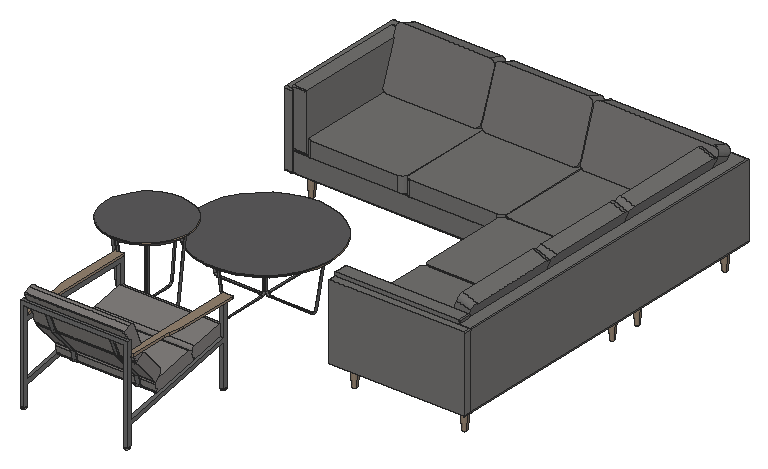
Revit family "Gus-Adelaide_Layout_01-Teknion-R2015", category Furniture Systems, Revit 2016 (continued)
Definition of nested family "Seating-Sofa-Teknion-ECSCADEL_Adelaide-R2015"
  Definition of nested family "Seating-Bi_Sectional-Teknion-Adelaide-2D"
    Lines and regions (in)
      detail lines, in view "Ref. Level"
        curve 109: arc (43.7967818, -13.5650885, 0) -> (43.8153605, -12.6801893, 0) -> (43.8215538, -11.7951169, 0) r 63.2450011
        curve 110: arc (35.3295956, -13.5650885, 0) -> (35.3110169, -12.6801893, 0) -> (35.3048236, -11.7951169, 0) r 63.2450011
        curve 112: line (35.3901854, 10.1509585, 0) -> (35.3295956, 9.5037668, 0)
        curve 114: line (42.455077, 10.8845063, 0) -> (43.7307858, 10.1839373, 0)
        curve 115: line (35.3955936, 10.1839547, 0) -> (36.6712035, 10.8844531, 0)
        curve 116: line (43.7307858, 10.1839373, 0) -> (43.7967818, 9.5037668, 0)
        curve 117: arc (43.7967818, 9.5037668, 0) -> (43.8153605, 8.6188677, 0) -> (43.8215538, 7.7337952, 0) r 63.2450011
        curve 118: arc (35.3295956, 9.5037668, 0) -> (35.3110169, 8.6188677, 0) -> (35.3048236, 7.7337952, 0) r 63.2450011
        curve 119: line (35.3048236, 7.7337952, 0) -> (35.3048236, -11.7951169, 0)
        curve 120: line (43.8215538, 7.7337952, 0) -> (43.8215538, -11.7951169, 0)
      detail lines, in view "Ref. Level", detail levels fine
        curve 6: line (-39.9019427, 40.1522056, 0) -> (-15.6691073, 40.1522056, 0)
        curve 68: line (-14.2079038, 40.1522056, 0) -> (10.1606703, 40.1522056, 0)
        curve 78: line (11.6218738, 40.1522056, 0) -> (43.3870738, 40.1522056, 0)
        curve 84: line (40.1619174, -39.571158, 0) -> (40.1619174, -15.6788191, 0)
        curve 121: line (40.1619174, 10.1509585, 0) -> (40.1619174, -14.2122801, 0)
        curve 123: line (43.81331, 10.8845188, 0) -> (46.0333338, 10.884228, 0)
      model lines, in view "Ref. Level", detail levels medium+fine
        curve 7: line (-39.9229751, 40.1522056, 0) -> (-39.9229751, 35.3804736, 0)
        curve 9: line (-39.9229751, 40.1522056, 0) -> (-39.9559539, 43.721074, 0)
      model lines, in view "Ref. Level"
        curve 8: line (-39.9229751, 35.3804736, 0) -> (-39.2757835, 35.3198838, 0)
        curve 10: line (-40.6535769, 42.4507299, 0) -> (-39.9559539, 43.721074, 0)
        curve 11: line (-39.9559714, 35.3858819, 0) -> (-40.6535769, 36.6562239, 0)
        curve 12: line (-39.9559539, 43.721074, 0) -> (-39.2757835, 43.78707, 0)
        curve 14: line (35.0150719, 34.6866303, 0) -> (34.9226407, 34.2941253, 0)
        curve 15: line (35.2417907, 11.262358, 0) -> (35.3723606, 10.884228, 0)
        curve 17: line (43.8130352, 39.3513935, 0) -> (43.9387576, 38.9592895, 0)
        curve 18: line (43.9387576, 11.2776918, 0) -> (43.81331, 10.8845188, 0)
        curve 19: line (34.8945688, 19.8063822, 0) -> (34.932985, 33.5430539, 0)
        curve 20: line (35.2317258, 11.9931411, 0) -> (34.8945688, 19.8063822, 0)
        curve 21: line (40.0902454, 39.3513319, 0) -> (43.8130352, 39.3513935, 0)
        curve 23: line (43.3867238, 43.811842, 0) -> (43.7864144, 43.6911492, 0)
        curve 24: line (43.9727083, 42.2348754, 0) -> (43.9595145, 41.2892906, 0)
        curve 25: line (43.9595145, 41.2892906, 0) -> (43.7811627, 39.998318, 0)
        curve 26: line (43.7864144, 43.6911492, 0) -> (43.9727083, 42.2348754, 0)
        curve 27: arc (43.755213, 39.9612556, 0) -> (43.774784, 39.983228, 0) -> (43.7836437, 40.0112872, 0) r 0.0702775
        curve 28: line (10.7971134, -40.3017597, 0) -> (43.0497901, -40.3017597, 0)
        curve 29: line (40.0570236, 39.3343004, 0) -> (39.7648079, 39.064936, 0)
        curve 30: line (39.7648079, 39.064936, 0) -> (35.0371452, 34.7069774, 0)
        curve 31: line (35.0371452, 34.7069774, 0) -> (35.0150719, 34.6866303, 0)
        curve 32: line (34.9226407, 34.2941253, 0) -> (34.932985, 33.5430539, 0)
        curve 33: line (35.2317258, 11.9931411, 0) -> (35.2417907, 11.262358, 0)
        curve 35: line (43.9387576, 11.2776918, 0) -> (43.9387576, 38.9592895, 0)
        curve 36: line (43.755213, 39.9612556, 0) -> (43.097483, 39.4053449, 0)
      model lines, in view "Ref. Level", detail levels fine
        curve 13: line (40.2261972, 38.9594579, 0) -> (40.0570236, 39.3343004, 0)
        curve 16: line (40.0957803, 10.884228, 0) -> (40.2261972, 11.2775815, 0)
        curve 22: line (43.3870738, 40.1522056, 0) -> (43.7836437, 40.0112872, 0)
        curve 34: line (40.2261972, 11.2775815, 0) -> (40.2261972, 38.9594579, 0)
      detail lines, in view "Ref. Level", detail levels medium+fine
        curve 42: line (-15.6691073, 40.1522056, 0) -> (-15.6691073, 35.3804736, 0)
        curve 44: line (-15.6691073, 40.1522056, 0) -> (-15.6361285, 43.721074, 0)
        curve 50: line (-14.2079038, 40.1522056, 0) -> (-14.2079038, 35.3804736, 0)
        curve 52: line (-14.2079038, 40.1522056, 0) -> (-14.2408826, 43.721074, 0)
        curve 58: line (10.1606703, 40.1522056, 0) -> (10.1606703, 35.3804736, 0)
        curve 60: line (10.1606703, 40.1522056, 0) -> (10.1936491, 43.721074, 0)
        curve 69: line (11.6218738, 40.1522056, 0) -> (11.6218738, 35.3804736, 0)
        curve 71: line (11.6218738, 40.1522056, 0) -> (11.588895, 43.721074, 0)
        curve 85: line (40.1619174, -39.571158, 0) -> (35.3901854, -39.571158, 0)
        curve 87: line (40.1619174, -39.571158, 0) -> (43.7307858, -39.6041368, 0)
        curve 95: line (40.1619174, -15.6788191, 0) -> (35.3901854, -15.6788191, 0)
        curve 97: line (40.1619174, -15.6788191, 0) -> (43.7307858, -15.6458403, 0)
        curve 103: line (40.1619174, -14.2122801, 0) -> (35.3901854, -14.2122801, 0)
        curve 105: line (40.1619174, -14.2122801, 0) -> (43.7307858, -14.2452589, 0)
        curve 111: line (40.1619174, 10.1509585, 0) -> (35.3901854, 10.1509585, 0)
        curve 113: line (40.1619174, 10.1509585, 0) -> (43.7307858, 10.1839373, 0)
        curve 122: line (10.891272, 46.023622, 0) -> (10.891272, 42.4507299, 0)
Definition of nested family "Seating-Chair-Teknion-ECCHHALI_Halifax-R2015"
  Parameters (values of type "White Powder Coat, Franz Indigo")
    Width = 31.000"
    Warranty = "https://d2r72yk5wmppdj.cloudfront.net/m/03d6e2ec3734b7d8/original/Gus-Limited-Warranty.pdf"
    Upholstery Finish = none
    URL = "http://www.teknion.com/ca/products/landing-pages/gus-modern"
    Series = "Gus Modern"
    Product Page URL = "http://www.teknion.com/ca/products/landing-pages/gus-modern"
    Product Line = "Halifax"
    Part Number = "ECCHHALI"
    Model = "ECCHHALI-wp-fraind"
    Manufacturer Phone = "416.534.0773 x37"
    Manufacturer Fax = "416.534.2452"
    Manufacturer Contact Information = "Teknion@gusdesigngroup.com"
    Manufacturer Address = "223 Evans Avenue. Toronto, Ontario. Canada. M8Z 1J5"
    Manufacturer = "Gus* Modern"  # constant formula
    Height = 27.000"
    Frame Finish = none
    Description = "Halifax Chair White Powder Coat Franz Indigo"
    Depth = 33.000"
    Assembly Code = "E2020200"
  Types (5): name | Model | Description
    Black Powder Coat, Laurentian Onyx | "ECCHHALI-bp-lauony" | "Halifax Chair Black Powder Coat Laurentian Onyx"
    Black Powder Coat, Tartan Shadow | "ECCHHALI-bp-tarsha" | "Halifax Chair Black Powder Coat Tartan Shadow"
    Black Powder Coat, Varsity Charcoal | "ECCHHALI-bp-varcha" | "Halifax Chair Black Powder Coat Varsity Charcoal"
    White Powder Coat, Berkeley Mint | "ECCHHALI-wp-bermin" | "Halifax Chair White Powder Coat Berkeley Mint"
    White Powder Coat, Franz Indigo | "ECCHHALI-wp-fraind" | "Halifax Chair White Powder Coat Franz Indigo"
  Reference planes (in)
    plane 1 "Center F/B": y = 0
    plane 2 "Bottom": z = 0
    plane 3 "Center L/R": x = 0
    plane 4 "Left": x = -15.3545
    plane 5 "Right": x = 15.3545
    plane 6 "Front": y = -16.3740996
    plane 7: y = 16.3740996
    plane 8 "Top": z = 27.977
    plane 9 "Masking Region": z = 16.2911548
    plane 10 "Back": through (480, 14.9673316, 28.9369415) normal (0, 0.9252, -0.3794)
  Forms (in)
    Sweep 1, solid, material <- "Upholstery Finish"
      path origin (0, 0, 0) x (1, 0, 0) y (0, 1, 0)
        loop
          line (-12.992126, 0) -> (12.992126, 0)
      profile origin (0, 0, 0) x (0, 1, 0) y (0, 0, 1)
        loop
          arc (-16.3696846, 12.933003) -> (-16.3398869, 12.7828579) -> (-16.2126481, 12.6977595) r 0.2
          line (-16.2126481, 12.6977595) -> (-6.5657987, 10.7745137)
          arc (-6.5657987, 10.7745137) -> (-6.4160102, 10.8042407) -> (-6.3311138, 10.9311773) r 0.199525
          line (-6.3311138, 10.9311773) -> (-5.9883266, 12.6505712)
          arc (-5.9883266, 12.6505712) -> (-6.1373153, 13.4012967) -> (-6.7735093, 13.8267889) r 1
          line (-6.7735093, 13.8267889) -> (-14.8507725, 15.4371139)
          arc (-14.8507725, 15.4371139) -> (-15.601498, 15.2881252) -> (-16.0269902, 14.6519311) r 1
          line (-16.0269902, 14.6519311) -> (-16.3696846, 12.933003)
        loop
          arc (5.403395, 8.3882733) -> (5.5531699, 8.4179976) -> (5.6380585, 8.5449227) r 0.1995069
          line (5.6380585, 8.5449227) -> (5.975812, 10.2390677)
          arc (5.975812, 10.2390677) -> (5.8229848, 11.0091348) -> (5.1703999, 11.4455893) r 1.0257639
          line (5.1703999, 11.4455893) -> (-4.7832569, 13.4300019)
          arc (-4.7832569, 13.4300019) -> (-5.5339824, 13.2810132) -> (-5.9594746, 12.6448191) r 1
          line (-5.9594746, 12.6448191) -> (-6.3022619, 10.9254252)
          arc (-6.3022619, 10.9254252) -> (-6.2725349, 10.7756367) -> (-6.1455982, 10.6907404) r 0.199525
          line (-6.1455982, 10.6907404) -> (5.403395, 8.3882733)
        loop
          arc (12.1195254, 17.8548372) -> (12.1689181, 17.9997228) -> (12.1013945, 18.1370982) r 0.2
          line (12.1013945, 18.1370982) -> (10.8075525, 19.2747539)
          arc (10.8075525, 19.2747539) -> (10.061476, 19.5290977) -> (9.3540721, 19.1813902) r 1.029884
          line (9.3540721, 19.1813902) -> (4.9690529, 14.194361)
          arc (4.9690529, 14.194361) -> (4.529893, 12.906156) -> (5.1302585, 11.6847246) r 1.7782382
          line (5.1302585, 11.6847246) -> (5.8621016, 11.041226)
          arc (5.8621016, 11.041226) -> (6.0069871, 10.9918333) -> (6.1443626, 11.0593569) r 0.2
          line (6.1443626, 11.0593569) -> (12.1195254, 17.8548372)
        loop
          arc (12.2515471, 18.5221617) -> (12.4046022, 18.5197968) -> (12.5145007, 18.6263509) r 0.2
          line (12.5145007, 18.6263509) -> (16.1060779, 26.931873)
          arc (16.1060779, 26.931873) -> (16.1084428, 27.0849281) -> (16.0018887, 27.1948266) r 0.2
          line (16.0018887, 27.1948266) -> (14.3809123, 27.8957894)
          arc (14.3809123, 27.8957894) -> (13.6258062, 27.9074567) -> (13.0836156, 27.3817662) r 0.9867114
          line (13.0836156, 27.3817662) -> (10.4430612, 21.2754842)
          arc (10.4430612, 21.2754842) -> (10.4216666, 19.8908343) -> (11.3856337, 18.8966108) r 1.8093482
          line (11.3856337, 18.8966108) -> (12.2515471, 18.5221617)
    Sweep 2, solid, material <- "Frame Finish"
      path origin (0, 0, 0) x (1, 0, 0) y (0, 1, 0)
        loop
          line (0, 16.3740996) -> (0, 15.3898476)
      profile origin (0, 15.8819736, 0) x (1, 0, 0) y (0, 0, 1)
        loop
          line (13.976378, 25.2755906) -> (-13.976378, 25.2755906) -> (-13.976378, 0.4724409) -> (-12.992126, 0.4724409) -> (-12.992126, 24.2913386) -> (12.992126, 24.2913386) -> (12.992126, 0.4724409) -> (13.976378, 0.4724409) -> (13.976378, 25.2755906)
    Sweep 3, solid, material <- "Frame Finish"
      path origin (0, 0, 0) x (1, 0, 0) y (0, 1, 0)
        loop
          line (12.992126, 0) -> (13.976378, 0)
      profile origin (13.484252, 0, 0) x (0, 1, 0) y (0, 0, 1)
        loop
          line (-15.1219634, 0.4724409) -> (-15.1219634, 11.4766933) -> (15.3898476, 5.3937008) -> (15.3898476, 6.3973224) -> (-15.1219634, 12.480315) -> (-15.1219634, 21.5354331) -> (-16.1062154, 21.5354331) -> (-16.1062154, 0.4724409) -> (-15.1219634, 0.4724409)
    Sweep 4, solid, material <- "Frame Finish"
      path origin (0, 0, 0) x (-1, 0, 0) y (0, 1, 0)
        loop
          line (12.992126, 0) -> (13.976378, 0)
      profile origin (-13.484252, 0, 0) x (0, -1, 0) y (0, 0, 1)
        loop
          line (15.1219634, 0.4724409) -> (16.1062154, 0.4724409) -> (16.1062154, 21.5354331) -> (15.1219634, 21.5354331) -> (15.1219634, 12.480315) -> (-15.3898476, 6.3973224) -> (-15.3898476, 5.3937008) -> (15.1219634, 11.4766933) -> (15.1219634, 0.4724409)
    Sweep 5, solid, material <- "Frame Finish"
      path origin (0, 0, 0) x (0, 1, 0) y (0, 0, 1)
        loop
          line (15.3898476, 0) -> (-15.1219634, 0)
      profile origin (0, 0.1339421, 0) x (0, 0, -1) y (1, 0, 0)
        loop
          line (-21.5354331, -14.1732283) -> (-21.4173228, -14.1732283) -> (-21.4173228, -13.1102362) -> (-20.3543307, -13.1102362) -> (-20.3543307, -12.992126) -> (-21.5354331, -12.992126) -> (-21.5354331, -14.1732283)
        loop
          line (-21.5354331, 14.1732283) -> (-21.5354331, 12.992126) -> (-20.3543307, 12.992126) -> (-20.3543307, 13.1102362) -> (-21.4173228, 13.1102362) -> (-21.4173228, 14.1732283) -> (-21.5354331, 14.1732283)
    Sweep 6, solid
      path origin (0, 0, 0) x (1, 0, 0) y (0, 0, 1)
        loop
          line (0, 22.0866142) -> (0, 21.5354331)
      profile origin (0, 0, 21.8110236) x (0, -1, 0) y (1, 0, 0)
        loop
          line (-15.3898476, -13.192126) -> (-15.3898476, -14.3669291)
          arc (-15.3898476, -14.3669291) -> (-15.331269, -14.5083505) -> (-15.1898476, -14.5669291) r 0.2
          line (-15.1898476, -14.5669291) -> (-5.2363171, -14.5669291)
          arc (-5.2363171, -14.5669291) -> (-4.5663524, -14.600018) -> (-3.9029087, -14.6989626) r 6.7990751
          line (-3.9029087, -14.6989626) -> (-1.2285904, -15.2338263)
          arc (-1.2285904, -15.2338263) -> (-0.6230777, -15.3241311) -> (-0.0116135, -15.3543307) r 6.2053886
          line (-0.0116135, -15.3543307) -> (16.1030658, -15.3543307)
          arc (16.1030658, -15.3543307) -> (16.2444871, -15.2957521) -> (16.3030658, -15.1543307) r 0.2
          line (16.3030658, -15.1543307) -> (16.3030658, -13.192126)
          arc (16.3030658, -13.192126) -> (16.2444871, -13.0507046) -> (16.1030658, -12.992126) r 0.2
          line (16.1030658, -12.992126) -> (-15.1898476, -12.992126)
          arc (-15.1898476, -12.992126) -> (-15.331269, -13.0507046) -> (-15.3898476, -13.192126) r 0.2
        loop
          arc (-15.3898476, 13.192126) -> (-15.331269, 13.0507046) -> (-15.1898476, 12.992126) r 0.2
          line (-15.1898476, 12.992126) -> (16.1030658, 12.992126)
          arc (16.1030658, 12.992126) -> (16.2444871, 13.0507046) -> (16.3030658, 13.192126) r 0.2
          line (16.3030658, 13.192126) -> (16.3030658, 15.1543307)
          arc (16.3030658, 15.1543307) -> (16.2444871, 15.2957521) -> (16.1030658, 15.3543307) r 0.2
          line (16.1030658, 15.3543307) -> (-0.0116135, 15.3543307)
          arc (-0.0116135, 15.3543307) -> (-0.6230777, 15.3241311) -> (-1.2285904, 15.2338263) r 6.2053886
          line (-1.2285904, 15.2338263) -> (-3.9029087, 14.6989626)
          arc (-3.9029087, 14.6989626) -> (-4.5663524, 14.600018) -> (-5.2363171, 14.5669291) r 6.7990751
          line (-5.2363171, 14.5669291) -> (-15.1898476, 14.5669291)
          arc (-15.1898476, 14.5669291) -> (-15.331269, 14.5083505) -> (-15.3898476, 14.3669291) r 0.2
          line (-15.3898476, 14.3669291) -> (-15.3898476, 13.192126)
    Sweep 7, solid, material <- "Frame Finish"
      path origin (0, 0, 0) x (1, 0, 0) y (0, 1, 0)
        loop
          line (12.992126, 0) -> (-12.992126, 0)
      profile origin (0, 0, 0) x (0, -1, 0) y (0, 0, 1)
        loop
          line (16.1062154, 12.480315) -> (15.1219634, 12.480315) -> (15.1219634, 11.496063) -> (16.1062154, 11.496063) -> (16.1062154, 12.480315)
        loop
          line (-4.4407441, 8.5801924) -> (-5.5990514, 8.3492662) -> (-5.5759588, 8.2334355) -> (-4.5334822, 8.441269) -> (-4.3256487, 7.3987924) -> (-4.209818, 7.421885) -> (-4.4407441, 8.5801924)
    Sweep 8, solid, material <- "Frame Finish"
      path origin (0, 0, 0) x (1, 0, 0) y (0, 1, 0)
        loop
          line (-8.8582677, 0) -> (-7.6771654, 0)
      profile origin (-8.2677165, 0, 0) x (0, 1, 0) y (0, 0, 1)
        loop
          line (5.5759588, 8.2334355) -> (5.6917896, 8.2103429) -> (6.2475115, 10.9978001) -> (12.3412501, 17.9281352) -> (15.3898476, 24.9780171) -> (15.3898476, 25.2755906) -> (12.2402413, 17.992126) -> (6.1378791, 11.0519834) -> (5.5759588, 8.2334355)
    Sweep 9, solid, material <- "Frame Finish"
      path origin (0, 0, 0) x (-1, 0, 0) y (0, 1, 0)
        loop
          line (-8.8582677, 0) -> (-7.6771654, 0)
      profile origin (8.2677165, 0, 0) x (0, -1, 0) y (0, 0, 1)
        loop
          line (-5.5759588, 8.2334355) -> (-6.1378791, 11.0519834) -> (-12.2402413, 17.992126) -> (-15.3898476, 25.2755906) -> (-15.3898476, 24.9780171) -> (-12.3412501, 17.9281352) -> (-6.2475115, 10.9978001) -> (-5.6917896, 8.2103429) -> (-5.5759588, 8.2334355)
  Cuts and joins
    joined: Sweep 2, Sweep 3, Sweep 4, Sweep 5, Sweep 7, Sweep 8, Sweep 9
  Dimensions and locks (in)
    equal spacing: plane 4 "Left", plane 3 "Center L/R", plane 5 "Right"
    equal spacing: plane 6 "Front", plane 1 "Center F/B", plane 7
    locked: plane 9 "Masking Region" to plane 2 "Bottom" at 16.2911548
    locked: plane 4 "Left" to plane 5 "Right" at 30.709
    locked: plane 10 "Back" to plane 7 at 6.5928042
    locked: plane 10 "Back" to plane 7 at 1.8004399
    locked: Sweep 1 sketch curve to plane 2 "Bottom" at 12.6977595
    locked: Sweep 1 sketch curve to plane 1 "Center F/B" at 14.8507725
    locked: plane 3 "Center L/R" to Sweep 1 sketch curve at 12.992126
    locked: Sweep 2 sketch curve to plane 7 at 0.984252
    Sweep 2 sketch curve to Sweep 2 sketch curve to plane 3 "Center L/R" = 0.98425" locked, 12.99213" locked
    locked: plane 2 "Bottom" to Sweep 2 sketch curve at 25.2755906
    plane 3 "Center L/R" to Sweep 3 sketch curve to Sweep 3 sketch curve = 12.99213" locked, 0.98425" locked
    locked: Sweep 3 sketch curve to plane 2 "Bottom" at 0.4724409
    locked: Sweep 3 sketch curve to plane 1 "Center F/B" at 15.1219634
    Sweep 4 sketch curve to Sweep 4 sketch curve to plane 4 "Left" = 0.98425" locked, 1.37812" locked
    locked: Sweep 4 sketch curve to plane 2 "Bottom" at 0.4724409
    locked: plane 1 "Center F/B" to Sweep 4 sketch curve at 15.1219634
    Sweep 5 sketch curve to plane 1 "Center F/B" to Sweep 5 sketch curve = 15.38985" locked, 15.12196" locked
    locked: plane 3 "Center L/R" to Sweep 5 sketch curve at 14.1732283
    locked: Sweep 5 sketch curve to plane 2 "Bottom" at 21.5354331
    Sweep 6 sketch curve to Sweep 6 sketch curve to plane 2 "Bottom" = 0.55118" locked, 21.53543" locked
    Sweep 6 sketch curve to plane 3 "Center L/R" to Sweep 6 sketch curve = 12.99213" locked, 12.99213" locked
    locked: Sweep 6 sketch curve to plane 1 "Center F/B" at 16.3030658
    locked: plane 4 "Left" to nested 3 at 1.870308
    locked: nested 3 to plane 7 at 0.488189
    locked: nested 4 to plane 5 "Right" at 1.870308
    locked: nested 4 to plane 7 at 0.488189
    locked: nested 2 to plane 6 "Front" at 0.7600102
    locked: nested 2 to plane 5 "Right" at 1.870308
    locked: plane 4 "Left" to nested 1 at 1.870308
    locked: nested 1 to plane 6 "Front" at 0.7600102
    Sweep 7 sketch curve to plane 3 "Center L/R" to Sweep 7 sketch curve = 12.99213" locked, 12.99213" locked
    locked: plane 2 "Bottom" to Sweep 7 sketch curve at 12.480315
    locked: Sweep 7 sketch curve to plane 1 "Center F/B" at 15.1219634
    Sweep 8 sketch curve to Sweep 8 sketch curve to plane 3 "Center L/R" = 1.1811" locked, 7.67717" locked
    locked: Sweep 8 sketch curve to plane 2 "Bottom" at 8.2103429
    locked: plane 1 "Center F/B" to Sweep 8 sketch curve at 5.5759588
    plane 5 "Right" to Sweep 9 sketch curve to Sweep 9 sketch curve = 6.49623" locked, 1.1811" locked
    locked: Sweep 9 sketch curve to plane 2 "Bottom" at 8.2103429
    locked: plane 1 "Center F/B" to Sweep 9 sketch curve at 5.5759588
    locked: plane 8 "Top" to plane 2 "Bottom" at 27.977
    locked: plane 6 "Front" to plane 7 at 32.7481992
    locked: plane 8 "Top" to plane 10 "Back" at 4.3902468
    aligned and locked: level to plane 2 "Bottom"
    aligned and locked: plane 1 "Center F/B" to Sweep 1 sketch curve
    aligned and locked: plane 7 to Sweep 2 sketch curve
    aligned and locked: Sweep 2 sketch curve to plane 3 "Center L/R"
    aligned and locked: plane 1 "Center F/B" to Sweep 3 sketch curve
    aligned and locked: Sweep 5 sketch curve to plane 2 "Bottom"
    aligned and locked: Sweep 6 sketch curve to plane 3 "Center L/R"
    aligned and locked: plane 2 "Bottom" to nested 1
    aligned and locked: plane 2 "Bottom" to nested 3
    aligned and locked: nested 2 to plane 2 "Bottom"
    aligned and locked: nested 4 to plane 2 "Bottom"
    aligned and locked: plane 1 "Center F/B" to nested 5
    aligned and locked: plane 3 "Center L/R" to nested 5
    aligned and locked: Sweep 7 sketch curve to plane 1 "Center F/B"
    aligned and locked: plane 1 "Center F/B" to Sweep 8 sketch curve
  Automatic sketch dimensions
    plane 4 "Left" to Sweep 1 sketch curve = 2.36237"
    Sweep 1 sketch curve to Sweep 1 sketch curve = 0.19552"  (x6)
    Sweep 1 sketch curve to Sweep 1 sketch curve = 0.9807"  (x3)
    Sweep 1 sketch curve to Sweep 1 sketch curve = 0.14655"
    Sweep 1 sketch curve to Sweep 1 sketch curve = 0.0391"
    level to Sweep 1 sketch curve = 12.933"
    Sweep 1 sketch curve to Sweep 1 sketch curve = 0.19614"
    profile plane to Sweep 1 sketch curve = 6.96903"
    Sweep 1 sketch curve to Sweep 1 sketch curve = 0.40323"
    Sweep 1 sketch curve to Sweep 1 sketch curve = 0.03901"  (x6)
    Sweep 1 sketch curve to Sweep 1 sketch curve = 0.19567"
    Sweep 1 sketch curve to Sweep 1 sketch curve = 0.02885"  (x2)
    Sweep 1 sketch curve to Sweep 1 sketch curve = 0.15666"
    Sweep 1 sketch curve to profile plane = 4.96905"
    Sweep 1 sketch curve to Sweep 1 sketch curve = 0.00079"
    Sweep 1 sketch curve to Sweep 1 sketch curve = 0.16041"
    Sweep 1 sketch curve to Sweep 1 sketch curve = 0.04014"
    Sweep 1 sketch curve to Sweep 1 sketch curve = 0.43355"
    Sweep 1 sketch curve to Sweep 1 sketch curve = 0.19566"
    Sweep 1 sketch curve to Sweep 1 sketch curve = 0.6917"
    Sweep 1 sketch curve to Sweep 1 sketch curve = 0.11371"
    Sweep 1 sketch curve to Sweep 1 sketch curve = 0.13207"  (x4)
    Sweep 1 sketch curve to Sweep 1 sketch curve = 0.1502"  (x2)
    Sweep 1 sketch curve to Sweep 1 sketch curve = 1.17422"
    Sweep 1 sketch curve to Sweep 1 sketch curve = 4.38502"
    Sweep 1 sketch curve to Sweep 1 sketch curve = 0.77342"
    Sweep 1 sketch curve to Sweep 1 sketch curve = 1.08899"
    Sweep 1 sketch curve to Sweep 1 sketch curve = 0.68006"  (x2)
    Sweep 1 sketch curve to Sweep 1 sketch curve = 0.57808"
    Sweep 1 sketch curve to Sweep 1 sketch curve = 0.5837"
    Sweep 1 sketch curve to Sweep 1 sketch curve = 0.71815"
    Sweep 1 sketch curve to Sweep 1 sketch curve = 0.15015"
    Sweep 1 sketch curve to Sweep 1 sketch curve = 0.07938"  (x3)
    Sweep 1 sketch curve to Sweep 1 sketch curve = 0.18357"  (x2)
    Sweep 1 sketch curve to Sweep 1 sketch curve = 2.64055"
    Sweep 1 sketch curve to Sweep 1 sketch curve = 0.90566"
    Sweep 1 sketch curve to Sweep 1 sketch curve = 0.39164"  (x2)
    Sweep 1 sketch curve to Sweep 1 sketch curve = 1.54159"
    Sweep 1 sketch curve to Sweep 1 sketch curve = 0.24333"
    Sweep 1 sketch curve to Sweep 1 sketch curve = 0.00575"  (x2)
    Sweep 1 sketch curve to Sweep 1 sketch curve = 1.74528"
    Sweep 1 sketch curve to Sweep 1 sketch curve = 0.23914"
    Sweep 1 sketch curve to Sweep 1 sketch curve = 0.25417"
    Sweep 1 sketch curve to Sweep 1 sketch curve = 1.68038"
    Sweep 1 sketch curve to Sweep 1 sketch curve = 1.00597"
    Sweep 1 sketch curve to Sweep 1 sketch curve = 1.65514"
    Sweep 1 sketch curve to Sweep 1 sketch curve = 1.33542"
    Sweep 1 sketch curve to Sweep 1 sketch curve = 1.56251"
    Sweep 1 sketch curve to Sweep 1 sketch curve = 4.83469"
    Sweep 1 sketch curve to Sweep 1 sketch curve = 0.51443"
    Sweep 1 sketch curve to Sweep 1 sketch curve = 0.38506"
    Sweep 1 sketch curve to Sweep 1 sketch curve = 0.10419"
    Sweep 1 sketch curve to Sweep 1 sketch curve = 0.37445"
    Sweep 1 sketch curve to Sweep 1 sketch curve = 1.66072"
    Sweep 1 sketch curve to Sweep 1 sketch curve = 6.37454"
    Sweep 1 sketch curve to Sweep 1 sketch curve = 0.05826"
    profile plane to Sweep 2 sketch curve = 12.99213"
    level to Sweep 2 sketch curve = 0.47244"  (x2)
    Sweep 2 sketch curve to Sweep 2 sketch curve = 0.98425"  (x2)
    Sweep 3 sketch curve to Sweep 3 sketch curve = 0.98425"  (x2)
    level to Sweep 3 sketch curve = 5.3937"
    Sweep 3 sketch curve to profile plane = 15.38985"
    Sweep 3 sketch curve to Sweep 3 sketch curve = 1.00362"  (x2)
    Sweep 3 sketch curve to Sweep 3 sketch curve = 11.00425"
    Sweep 3 sketch curve to Sweep 3 sketch curve = 9.05512"
    plane 1 "Center F/B" to Sweep 4 sketch curve = 0.000"
    level to Sweep 4 sketch curve = 6.39732"
    profile plane to Sweep 4 sketch curve = 15.38985"
    Sweep 4 sketch curve to Sweep 4 sketch curve = 0.000"
    Sweep 4 sketch curve to Sweep 4 sketch curve = 0.98425"
    Sweep 4 sketch curve to Sweep 4 sketch curve = 1.00362"  (x2)
    Sweep 4 sketch curve to Sweep 4 sketch curve = 11.00425"
    Sweep 4 sketch curve to Sweep 4 sketch curve = 9.05512"
    profile plane to Sweep 5 sketch curve = 21.53543"
    Sweep 5 sketch curve to Sweep 5 sketch curve = 0.11811"  (x4)
    Sweep 5 sketch curve to Sweep 5 sketch curve = 1.06299"  (x4)
    plane 3 "Center L/R" to Sweep 5 sketch curve = 12.99213"
    plane 1 "Center F/B" to Sweep 6 sketch curve = 16.10307"
    Sweep 6 sketch curve to Sweep 6 sketch curve = 0.000"  (x3)
    Sweep 6 sketch curve to Sweep 6 sketch curve = 0.200"  (x5)
    Sweep 6 sketch curve to plane 1 "Center F/B" = 0.01161"  (x2)
    Sweep 6 sketch curve to Sweep 6 sketch curve = 1.21698"  (x2)
    Sweep 6 sketch curve to Sweep 6 sketch curve = 2.67432"  (x2)
    Sweep 6 sketch curve to Sweep 6 sketch curve = 1.33341"  (x2)
    Sweep 6 sketch curve to Sweep 6 sketch curve = 9.95353"  (x2)
    Sweep 6 sketch curve to Sweep 6 sketch curve = 1.1748"  (x2)
    Sweep 6 sketch curve to Sweep 6 sketch curve = 0.13203"  (x2)
    Sweep 6 sketch curve to Sweep 6 sketch curve = 1.9622"  (x2)
    Sweep 6 sketch curve to Sweep 6 sketch curve = 0.1205"
    Sweep 6 sketch curve to profile plane = 9.14894"
    profile plane to Sweep 7 sketch curve = 4.20982"
    Sweep 7 sketch curve to Sweep 7 sketch curve = 0.11583"
    Sweep 7 sketch curve to Sweep 7 sketch curve = 0.23093"
    Sweep 7 sketch curve to Sweep 7 sketch curve = 0.09274"
    Sweep 7 sketch curve to Sweep 7 sketch curve = 1.04248"
    Sweep 7 sketch curve to Sweep 7 sketch curve = 0.98425"  (x2)
    level to Sweep 7 sketch curve = 8.58019"
    Sweep 7 sketch curve to Sweep 7 sketch curve = 0.13892"
    Sweep 8 sketch curve to Sweep 8 sketch curve = 0.11583"
    Sweep 8 sketch curve to Sweep 8 sketch curve = 0.56192"
    Sweep 8 sketch curve to Sweep 8 sketch curve = 0.10963"
    Sweep 8 sketch curve to Sweep 8 sketch curve = 5.99273"
    Sweep 8 sketch curve to Sweep 8 sketch curve = 0.10101"
    Sweep 8 sketch curve to Sweep 8 sketch curve = 3.14961"
    Sweep 8 sketch curve to Sweep 8 sketch curve = 0.02309"
    Sweep 8 sketch curve to Sweep 8 sketch curve = 6.93034"
    Sweep 8 sketch curve to Sweep 8 sketch curve = 0.06399"
    Sweep 8 sketch curve to Sweep 8 sketch curve = 6.98589"
    Sweep 8 sketch curve to Sweep 8 sketch curve = 0.29757"
    plane 1 "Center F/B" to Sweep 9 sketch curve = 0.000"
    profile plane to Sweep 9 sketch curve = 15.38985"
    Sweep 9 sketch curve to Sweep 9 sketch curve = 3.0486"
    Sweep 9 sketch curve to Sweep 9 sketch curve = 0.10101"
    Sweep 9 sketch curve to Sweep 9 sketch curve = 0.10963"
    Sweep 9 sketch curve to Sweep 9 sketch curve = 0.55572"
    Sweep 9 sketch curve to Sweep 9 sketch curve = 0.11583"
    Sweep 9 sketch curve to Sweep 9 sketch curve = 0.02309"
    Sweep 9 sketch curve to Sweep 9 sketch curve = 6.93034"
    Sweep 9 sketch curve to Sweep 9 sketch curve = 0.06399"
    Sweep 9 sketch curve to Sweep 9 sketch curve = 6.98589"
    Sweep 9 sketch curve to Sweep 9 sketch curve = 0.29757"
  Nested families (in)
    nested 1: "Seating-Teknion-Foot" at (-13.484192, -15.6140894, 0), type "Foot"
    nested 2: "Seating-Teknion-Foot" at (13.484192, -15.6140894, 0) x (-1, 0, 0) z (0, 0, 1), type "Foot"
    nested 3: "Seating-Teknion-Foot" at (-13.484192, 15.8859106, 0), type "Foot"
    nested 4: "Seating-Teknion-Foot" at (13.484192, 15.8859106, 0) x (-1, 0, 0) z (0, 0, 1), type "Foot"
    nested 5: "Seating-Chair-Teknion-Halifax-2D" at (-0.0097118, 0, 0), type "2D Symbol"
  Definition of nested family "Seating-Teknion-Foot"
    Parameters (values of type "Foot")
      Warranty = "https://d2r72yk5wmppdj.cloudfront.net/m/03d6e2ec3734b7d8/original/Gus-Limited-Warranty.pdf"
      URL = "http://www.teknion.com/ca/products/landing-pages/gus-modern"
      Series = "Gus Modern"
      Product Page URL = "http://www.teknion.com/ca/products/landing-pages/gus-modern"
      Model = ""
      Manufacturer Phone = "416.534.0773 x37"
      Manufacturer Fax = "416.534.2452"
      Manufacturer Contact Information = "Teknion@gusdesigngroup.com"
      Manufacturer Address = "223 Evans Avenue. Toronto, Ontario. Canada. M8Z 1J5"
      Manufacturer = "Gus* Modern"  # constant formula
      Height = 1.37795"
      Description = ""
      Assembly Code = "E2020200"
    Reference planes (in)
      plane 1 "Center F/B": y = 0
      plane 2 "Bottom": z = 0
      plane 3 "Center L/R": x = 0
      plane 4: z = 1.3779528
    Forms (in)
      Revolve 1, solid
        sketch origin (0, 0, 0) x (1, 0, 0) y (0, 0, 1)
          loop
            line (0, 1.3779528) -> (-0.1183468, 1.3779528) -> (-0.1183468, 0.4724409) -> (-0.3149606, 0.4724409) -> (-0.5906111, 0.157588) -> (-0.5906111, 0.0787777) -> (-0.3937008, 0) -> (0, 0) -> (0, 1.3779528)
          axis (0, 1.3779528) -> (0, 0)
        angle from 0 to 360
    Dimensions and locks (in)
      Revolve 1 sketch curve to Revolve 1 sketch curve to Revolve 1 sketch curve to plane 2 "Bottom" = 0.31485" locked, 0.07881" locked, 0.07878" locked
      "Height": plane 4 to plane 2 "Bottom"
      aligned and locked: level to plane 2 "Bottom"
      aligned and locked: Revolve 1 sketch curve to plane 3 "Center L/R"
    Automatic sketch dimensions
      Revolve 1 sketch curve to level = 0.000"
      Revolve 1 sketch curve to plane 3 "Center L/R" = 0.31496"
      Revolve 1 sketch curve to Revolve 1 sketch curve = 0.27565"
      Revolve 1 sketch curve to Revolve 1 sketch curve = 0.19691"
      Revolve 1 sketch curve to plane 3 "Center L/R" = 0.11835"
      Revolve 1 sketch curve to plane 3 "Center L/R" = 0.000"
      Revolve 1 sketch curve to plane 4 = 0.000"
      Revolve 1 sketch curve to level = 16.65636"
      Revolve 1 sketch curve to Revolve 1 sketch curve = 48.811"
  Definition of nested family "Seating-Chair-Teknion-Halifax-2D"
    Parameters (values of type "2D Symbol")
      Without Back = not(With Back)  # yes
      With Back = no
    Reference planes (in)
      plane 1 "Center (Front/Back)": y = 0
      plane 2: z = 0
      plane 3 "Center (Left/Right)": x = 0.0097118
    Lines and regions (in)
      Masking region 1, in view "Ref. Level"
        outline origin (0, 0, 0) x (1, 0, 0) y (0, 1, 0)
          loop
            line (-13.9666662, 16.3740996) -> (-13.9666662, 16.2084131)
            arc (-13.9666662, 16.2084131) -> (-14.0650914, 15.8819736) -> (-13.9666662, 15.5555342) r 0.5905512
            line (-13.9666662, 15.5555342) -> (-13.9666662, 15.3898476) -> (-14.360367, 15.3898476)
            arc (-14.360367, 15.3898476) -> (-14.4995612, 15.3321915) -> (-14.5572173, 15.1929972) r 0.1968504
            line (-14.5572173, 15.1929972) -> (-14.5572173, 5.1478369)
            arc (-14.5572173, 5.1478369) -> (-14.5859575, 4.5659218) -> (-14.6718984, 3.9896707) r 5.9055118
            line (-14.6718984, 3.9896707) -> (-15.2299379, 1.1994733)
            arc (-15.2299379, 1.1994733) -> (-15.3158787, 0.6232223) -> (-15.3446189, 0.0413072) r 5.9055118
            line (-15.3446189, 0.0413072) -> (-15.3446189, -16.1062154)
            arc (-15.3446189, -16.1062154) -> (-15.2869628, -16.2454096) -> (-15.1477685, -16.3030658) r 0.1968504
            line (-15.1477685, -16.3030658) -> (-13.1792646, -16.3030658)
            arc (-13.1792646, -16.3030658) -> (-13.0400703, -16.2454096) -> (-12.9824142, -16.1062154) r 0.1968504
            line (-12.9824142, -16.1062154) -> (-12.9824142, -16.1772492)
            arc (-12.9824142, -16.1772492) -> (-12.9247581, -16.3164434) -> (-12.7855638, -16.3740996) r 0.1968504
            line (-12.7855638, -16.3740996) -> (12.8049874, -16.3740996)
            arc (12.8049874, -16.3740996) -> (12.9441816, -16.3164434) -> (13.0018378, -16.1772492) r 0.1968504
            line (13.0018378, -16.1772492) -> (13.0018378, -16.1062154)
            arc (13.0018378, -16.1062154) -> (13.0594939, -16.2454096) -> (13.1986882, -16.3030658) r 0.1968504
            line (13.1986882, -16.3030658) -> (15.1671921, -16.3030658)
            arc (15.1671921, -16.3030658) -> (15.3063863, -16.2454096) -> (15.3640425, -16.1062154) r 0.1968504
            line (15.3640425, -16.1062154) -> (15.3640425, 0.0413072)
            arc (15.3640425, 0.0413072) -> (15.3353023, 0.6232223) -> (15.2493614, 1.1994733) r 5.9055118
            line (15.2493614, 1.1994733) -> (14.691322, 3.9896707)
            arc (14.691322, 3.9896707) -> (14.6053811, 4.5659218) -> (14.5766409, 5.1478369) r 5.9055118
            line (14.5766409, 5.1478369) -> (14.5766409, 15.1929972)
            arc (14.5766409, 15.1929972) -> (14.5189848, 15.3321915) -> (14.3797905, 15.3898476) r 0.1968504
            line (14.3797905, 15.3898476) -> (13.9860897, 15.3898476) -> (13.9860897, 15.5555342)
            arc (13.9860897, 15.5555342) -> (14.0845149, 15.8819736) -> (13.9860897, 16.2084131) r 0.5905512
            line (13.9860897, 16.2084131) -> (13.9860897, 16.3740996) -> (13.8204032, 16.3740996)
            arc (13.8204032, 16.3740996) -> (13.4939638, 16.4725248) -> (13.1675243, 16.3740996) r 0.5905512
            line (13.1675243, 16.3740996) -> (-13.1481007, 16.3740996)
            arc (-13.1481007, 16.3740996) -> (-13.4745402, 16.4725248) -> (-13.8009796, 16.3740996) r 0.5905512
            line (-13.8009796, 16.3740996) -> (-13.9666662, 16.3740996)
      detail lines, in view "Ref. Level"
        curve 1: line (-12.9824142, 15.1929972, 0) -> (-12.9824142, -16.1062154, 0)
        curve 4: arc (-12.9824142, 4.7203778, 0) -> (-12.9247581, 4.5811835, 0) -> (-12.7855638, 4.5235274, 0) r 0.1968504
        curve 7: arc (-13.1792646, 15.3898476, 0) -> (-13.0400703, 15.3321915, 0) -> (-12.9824142, 15.1929972, 0) r 0.1968504
        curve 8: line (-13.9666662, 15.3898476, 0) -> (-13.1792646, 15.3898476, 0)
        curve 9: line (-13.9666662, 15.5555342, 0) -> (-13.9666662, 16.2084131, 0)
        curve 10: line (-13.8009796, 16.3740996, 0) -> (-13.1481007, 16.3740996, 0)
        curve 11: line (13.0018378, 15.1929972, 0) -> (13.0018378, -16.1062154, 0)
        curve 13: arc (13.0018378, 4.7203778, 0) -> (12.9441816, 4.5811835, 0) -> (12.8049874, 4.5235274, 0) r 0.1968504
        curve 16: arc (13.1986882, 15.3898476, 0) -> (13.0594939, 15.3321915, 0) -> (13.0018378, 15.1929972, 0) r 0.1968504
        curve 17: line (13.9860897, 15.3898476, 0) -> (13.1986882, 15.3898476, 0)
        curve 18: line (13.9860897, 15.5555342, 0) -> (13.9860897, 16.2084131, 0)
        curve 19: line (13.8204032, 16.3740996, 0) -> (13.1675243, 16.3740996, 0)
        curve 20: line (-12.7855638, 4.5235274, 0) -> (12.8049874, 4.5235274, 0)
      detail lines, in view "Ref. Level", detail levels medium+fine
        curve 2: line (-12.7855638, -5.9662517, 0) -> (12.8049874, -5.9662517, 0)
        curve 3: arc (-12.9824142, -6.1631021, 0) -> (-12.9247581, -6.0239078, 0) -> (-12.7855638, -5.9662517, 0) r 0.1968504
        curve 5: arc (-12.9824142, 10.4794213, 0) -> (-12.9247581, 10.3402271, 0) -> (-12.7855638, 10.2825709, 0) r 0.1968504
        curve 12: arc (13.0018378, -6.1631021, 0) -> (12.9441816, -6.0239078, 0) -> (12.8049874, -5.9662517, 0) r 0.1968504
        curve 14: arc (13.0018378, 10.4794213, 0) -> (12.9441816, 10.3402271, 0) -> (12.8049874, 10.2825709, 0) r 0.1968504
        curve 21: line (-12.7855638, 10.2825709, 0) -> (12.8049874, 10.2825709, 0)
      detail lines, in view "Ref. Level", detail levels fine
        curve 6: arc (-12.9824142, 15.9266475, 0) -> (-12.9247581, 16.0658417, 0) -> (-12.7855638, 16.1234979, 0) r 0.1968504
        curve 15: arc (13.0018378, 15.9266475, 0) -> (12.9441816, 16.0658417, 0) -> (12.8049874, 16.1234979, 0) r 0.1968504
        curve 22: line (-12.7855638, 16.1234979, 0) -> (12.8049874, 16.1234979, 0)
        curve 23: line (-12.9824142, 15.9266475, 0) -> (-12.9824142, 15.1929972, 0)
        curve 24: line (13.0018378, 15.1929972, 0) -> (13.0018378, 15.9266475, 0)
Definition of nested family "Table-Teknion-ECETARRR_Array-R2015"
  Parameters (values of type "White Laminate")
    Width = 22.000"
    Warranty = "https://d2r72yk5wmppdj.cloudfront.net/m/03d6e2ec3734b7d8/original/Gus-Limited-Warranty.pdf"
    URL = "http://www.teknion.com/ca/products/landing-pages/gus-modern"
    Table Top Finish = none
    Series = "Gus Modern"
    Product Page URL = "http://www.teknion.com/ca/products/landing-pages/gus-modern"
    Product Line = "Array"
    Part Number = "ECETARRR"
    Model = "ECETARRR-wp"
    Manufacturer Phone = "416.534.0773 x37"
    Manufacturer Fax = "416.534.2452"
    Manufacturer Contact Information = "Teknion@gusdesigngroup.com"
    Manufacturer Address = "223 Evans Avenue. Toronto, Ontario. Canada. M8Z 1J5"
    Manufacturer = "Gus* Modern"  # constant formula
    Height = 20.000"
    Frame Finish = none
    Description = "Array End Table Round White Powder Coat"
    Depth = 22.000"
    Assembly Code = "E2020200"
  Types (2): name | Model | Description
    White Laminate | "ECETARRR-wp" | "Array End Table Round White Powder Coat"
    Black Laminate | "ECETARRR-bp" | "Array End Table Round Black Powder Coat"
  Reference planes (in)
    plane 1 "Center F/B": y = 0
    plane 2 "Bottom": z = 0
    plane 3 "Center L/R": x = 0
    plane 4 "Top": z = 19.488189
    plane 5 "Left": x = -10.8267717
    plane 6 "Right": x = 10.8267717
    plane 7 "Back": y = 10.8267717
    plane 8 "Front": y = -10.8267717
    plane 9 "Leg 3": through (5.4413625, -17.8699898, 0.3) normal (-0.8849, 0.4305, 0.1776)
  Forms (in)
    Sweep 1, solid, material <- "Table Top Finish"
      path origin (0, 0, 0) x (1, 0, 0) y (0, 1, 0)
        loop
          circle (0, 0) r 10.8267717
      profile origin (10.8267717, 0, 0) x (-1, 0, 0) y (0, 0, 1)
        loop
          line (0, 19.488189) -> (0, 19.2519685) -> (0.5511811, 18.7007874) -> (0.5511811, 19.488189) -> (0, 19.488189)
    Sweep 2, solid, material <- "Table Top Finish"
      path origin (0, 0, 0) x (1, 0, 0) y (0, 0, 1)
        loop
          line (0, 19.488189) -> (0, 18.7007874)
      profile origin (0, 0, 19.0944882) x (0, -1, 0) y (1, 0, 0)
        loop
          circle (0, 0) r 10.2755906
    Sweep 3, solid, material <- "Frame Finish"
      path origin (0, 0, 0) x (1, 0, 0) y (0, 0, 1)
        loop
          line (0, 18.5433071) -> (0, 18.7007874)
      profile origin (0, 0, 18.6220472) x (-1, 0, 0) y (0, -1, 0)
        loop
          line (10.0309148, -0.3937008) -> (10.0309148, 0.3937008) -> (0.3937008, 0.3937008) -> (0.3937008, 10.0309148) -> (-0.3937008, 10.0309148) -> (-0.3937008, 0.3937008) -> (-10.0309148, 0.3937008) -> (-10.0309148, -0.3937008) -> (-0.3937008, -0.3937008) -> (-0.3937008, -10.0309148) -> (0.3937008, -10.0309148) -> (0.3937008, -0.3937008) -> (10.0309148, -0.3937008)
    Sweep 4, solid, material <- "Frame Finish"
      path origin (0, 0, 0) x (1, 0, 0) y (0, 0, 1)
        loop
          line (-10.0309148, 18.6220472) -> (-8.1463365, 1.0718778)
          arc (-8.1463365, 1.0718778) -> (-7.7551476, 0.3073224) -> (-6.9531958, 0) r 1.2
          line (-6.9531958, 0) -> (-1.2858656, 0)
          arc (-1.2858656, 0) -> (-0.4373375, 0.3514719) -> (-0.0858656, 1.2) r 1.2
          line (-0.0858656, 1.2) -> (-0.0858656, 18.5433071)
      profile origin (-0.0858656, 0, 18.5433071) x (0, -1, 0) y (1, 0, 0)
        loop
          circle (0, -0.1968632) r 0.1968632
    Sweep 5, solid, material <- "Frame Finish"
      path origin (0, 0, 0) x (-1, 0, 0) y (0, 0, 1)
        loop
          line (-10.0309148, 18.6220472) -> (-8.1463365, 1.0718778)
          arc (-8.1463365, 1.0718778) -> (-7.7551476, 0.3073224) -> (-6.9531958, 0) r 1.2
          line (-6.9531958, 0) -> (-1.2858656, 0)
          arc (-1.2858656, 0) -> (-0.4373375, 0.3514719) -> (-0.0858656, 1.2) r 1.2
          line (-0.0858656, 1.2) -> (-0.0858656, 18.5433071)
      profile origin (0.0858656, 0, 18.5433071) x (0, -1, 0) y (1, 0, 0)
        loop
          circle (0, 0.1968632) r 0.1968632
    Sweep 6, solid, material <- "Frame Finish"
      path origin (0, 0, 0) x (0, 1, 0) y (0, 0, 1)
        loop
          line (-10.0309148, 18.6220472) -> (-8.1463365, 1.0718778)
          arc (-8.1463365, 1.0718778) -> (-7.7551476, 0.3073224) -> (-6.9531958, 0) r 1.2
          line (-6.9531958, 0) -> (-1.2858656, 0)
          arc (-1.2858656, 0) -> (-0.4373375, 0.3514719) -> (-0.0858656, 1.2) r 1.2
          line (-0.0858656, 1.2) -> (-0.0858656, 18.5433071)
      profile origin (0, -0.0858656, 18.5433071) x (1, 0, 0) y (0, 1, 0)
        loop
          circle (0, -0.1968632) r 0.1968632
    Sweep 7, solid, material <- "Frame Finish"
      path origin (0, 0, 0) x (0, -1, 0) y (0, 0, -1)
        loop
          line (-10.0309148, -18.6220472) -> (-8.1463365, -1.0718778)
          arc (-8.1463365, -1.0718778) -> (-7.7551476, -0.3073224) -> (-6.9531958, 0) r 1.2
          line (-6.9531958, 0) -> (-1.2858656, 0)
          arc (-1.2858656, 0) -> (-0.4373375, -0.3514719) -> (-0.0858656, -1.2) r 1.2
          line (-0.0858656, -1.2) -> (-0.0858656, -18.5433071)
      profile origin (0, 0.0858656, 18.5433071) x (1, 0, 0) y (0, 1, 0)
        loop
          circle (0, 0.1968632) r 0.1968632
  Cuts and joins
    joined: Sweep 1, Sweep 2
    joined: Sweep 3, Sweep 4
  Lines and regions (in)
    Masking region 1
      outline origin (0, 0, 19.488189) x (0, 1, 0) y (-1, 0, 0)
        loop
          circle (0, 0) r 10.8267717
    symbolic lines, detail levels fine
      curve 1: arc (-9.8244654, 0.1967068, 19.488189) -> (-10.0223296, 0, 19.488189) -> (-9.8244654, -0.1967068, 19.488189) r 0.1967102
      curve 2: arc (-0.2827288, 0.1968632, 19.488189) -> (-0.0858656, 0, 19.488189) -> (-0.2827288, -0.1968632, 19.488189) r 0.1968632
      curve 3: line (-0.2827288, -0.1968632, 19.488189) -> (-9.8244654, -0.1967068, 19.488189)
      curve 4: line (-0.2827288, 0.1968632, 19.488189) -> (-9.8244654, 0.1967068, 19.488189)
      curve 5: arc (0.1967068, 9.8244654, 19.488189) -> (0, 10.0223296, 19.488189) -> (-0.1967068, 9.8244654, 19.488189) r 0.1967102
      curve 6: arc (0.1968632, 0.2827288, 19.488189) -> (0, 0.0858656, 19.488189) -> (-0.1968632, 0.2827288, 19.488189) r 0.1968632
      curve 7: line (-0.1968632, 0.2827288, 19.488189) -> (-0.1967068, 9.8244654, 19.488189)
      curve 8: line (0.1968632, 0.2827288, 19.488189) -> (0.1967068, 9.8244654, 19.488189)
      curve 9: arc (9.8244654, -0.1967068, 19.488189) -> (10.0223296, 0, 19.488189) -> (9.8244654, 0.1967068, 19.488189) r 0.1967102
      curve 10: arc (0.2827288, -0.1968632, 19.488189) -> (0.0858656, 0, 19.488189) -> (0.2827288, 0.1968632, 19.488189) r 0.1968632
      curve 11: line (0.2827288, 0.1968632, 19.488189) -> (9.8244654, 0.1967068, 19.488189)
      curve 12: line (0.2827288, -0.1968632, 19.488189) -> (9.8244654, -0.1967068, 19.488189)
      curve 13: arc (-0.1967068, -9.8244654, 19.488189) -> (0, -10.0223296, 19.488189) -> (0.1967068, -9.8244654, 19.488189) r 0.1967102
      curve 14: arc (-0.1968632, -0.282732, 19.488189) -> (0, -0.0858656, 19.488189) -> (0.1968632, -0.282732, 19.488189) r 0.1968632
      curve 15: line (0.1968632, -0.282732, 19.488189) -> (0.1967068, -9.8244654, 19.488189)
      curve 16: line (-0.1968632, -0.282732, 19.488189) -> (-0.1967068, -9.8244654, 19.488189)
  Dimensions and locks (in)
    equal spacing: plane 8 "Front", plane 1 "Center F/B", plane 7 "Back"
    equal spacing: plane 5 "Left", plane 3 "Center L/R", plane 6 "Right"
    locked: plane 4 "Top" to plane 2 "Bottom" at 19.488189
    locked: plane 4 "Top" to Sweep 2 sketch curve at 0.7874016
    plane 4 "Top" to Sweep 3 sketch curve to Sweep 3 sketch curve = 0.7874" locked, 0.15748" locked
    Sweep 3 sketch curve to plane 3 "Center L/R" to Sweep 3 sketch curve = 0.3937" locked, 0.3937" locked
    Sweep 3 sketch curve to plane 1 "Center F/B" to Sweep 3 sketch curve = 0.3937" locked, 0.3937" locked
    locked: Sweep 4 sketch curve to plane 3 "Center L/R" at 0.2827288
    locked: plane 3 "Center L/R" to Sweep 4 sketch curve at 0.0858656
    locked: Sweep 5 sketch curve to plane 3 "Center L/R" at 0.0858656
    locked: plane 3 "Center L/R" to Sweep 5 sketch curve at 0.2827288
    locked: plane 1 "Center F/B" to Sweep 7 sketch curve at 0.2827288
    locked: Sweep 6 sketch curve to plane 1 "Center F/B" at 0.2827288
    locked: Sweep 7 sketch curve to plane 1 "Center F/B" at 0.0858656
    locked: plane 1 "Center F/B" to Sweep 6 sketch curve at 0.0858656
    aligned and locked: level to plane 2 "Bottom"
    aligned and locked: plane 3 "Center L/R" to Sweep 1 sketch curve
    aligned and locked: plane 1 "Center F/B" to Sweep 1 sketch curve
    aligned and locked: Sweep 1 sketch curve to plane 4 "Top"
    aligned and locked: Sweep 2 sketch curve to plane 3 "Center L/R"
    aligned and locked: plane 3 "Center L/R" to Sweep 3 sketch curve
    aligned and locked: plane 1 "Center F/B" to Sweep 4 sketch curve
    aligned and locked: Sweep 4 sketch curve to plane 2 "Bottom"
    aligned and locked: plane 1 "Center F/B" to Masking region 1 sketch curve
    aligned and locked: plane 3 "Center L/R" to Masking region 1 sketch curve
    aligned and locked: plane 6 "Right" to Sweep 1 sketch curve
    aligned and locked: plane 1 "Center F/B" to Sweep 2 sketch curve
    aligned and locked: plane 3 "Center L/R" to Sweep 2 sketch curve
    aligned and locked: plane 2 "Bottom" to Sweep 5 sketch curve
    aligned and locked: plane 1 "Center F/B" to Sweep 5 sketch curve
    aligned and locked: plane 3 "Center L/R" to Sweep 7 sketch curve
    aligned and locked: plane 3 "Center L/R" to Sweep 6 sketch curve
    aligned and locked: Sweep 7 sketch curve to plane 2 "Bottom"
    aligned and locked: plane 2 "Bottom" to Sweep 6 sketch curve
  Automatic sketch dimensions
    Sweep 1 sketch curve to profile plane = 0.55118"
    Sweep 1 sketch curve to Sweep 1 sketch curve = 0.23622"
    Sweep 1 sketch curve to Sweep 1 sketch curve = 0.55118"
    Sweep 2 sketch curve to plane 4 "Top" = 0.000"
    profile plane to Sweep 2 sketch curve = 10.27559"
    profile plane to Sweep 3 sketch curve = 0.3937"
    Sweep 3 sketch curve to Sweep 3 sketch curve = 9.63721"  (x4)
    Sweep 3 sketch curve to profile plane = 0.3937"
    Sweep 3 sketch curve to plane 1 "Center F/B" = 0.3937"
    plane 1 "Center F/B" to Sweep 3 sketch curve = 0.3937"
    Sweep 4 sketch curve to plane 3 "Center L/R" = 1.28587"
    plane 5 "Left" to Sweep 4 sketch curve = 3.87358"
    level to Sweep 4 sketch curve = 1.07188"
    Sweep 4 sketch curve to Sweep 4 sketch curve = 1.19314"
    plane 5 "Left" to Sweep 4 sketch curve = 0.79586"
    Sweep 4 sketch curve to plane 4 "Top" = 0.94488"
    Sweep 4 sketch curve to plane 4 "Top" = 0.86614"
    Sweep 5 sketch curve to level = 1.07188"
    Sweep 5 sketch curve to plane 6 "Right" = 2.68044"
    Sweep 5 sketch curve to Sweep 5 sketch curve = 1.19314"
    Sweep 5 sketch curve to plane 3 "Center L/R" = 1.28587"
    Sweep 5 sketch curve to plane 6 "Right" = 0.79586"
    plane 4 "Top" to Sweep 5 sketch curve = 0.94488"
    plane 4 "Top" to Sweep 5 sketch curve = 0.86614"
    level to Sweep 6 sketch curve = 1.07188"
    Sweep 6 sketch curve to plane 8 "Front" = 2.68044"
    Sweep 6 sketch curve to Sweep 6 sketch curve = 1.19314"
    plane 1 "Center F/B" to Sweep 6 sketch curve = 1.28587"
    Sweep 6 sketch curve to plane 8 "Front" = 0.79586"
    Sweep 6 sketch curve to plane 4 "Top" = 0.94488"
    Sweep 6 sketch curve to plane 4 "Top" = 0.86614"
    level to Sweep 7 sketch curve = 1.07188"
    Sweep 7 sketch curve to plane 7 "Back" = 2.68044"
    Sweep 7 sketch curve to Sweep 7 sketch curve = 1.19314"
    Sweep 7 sketch curve to plane 1 "Center F/B" = 1.28587"
    Sweep 7 sketch curve to plane 7 "Back" = 0.79586"
    Sweep 7 sketch curve to plane 4 "Top" = 0.94488"
    Sweep 7 sketch curve to plane 4 "Top" = 0.86614"
    plane 1 "Center F/B" to curve 2 = 0.000"
    plane 1 "Center F/B" to curve 1 = 0.000"
    curve 2 to plane 3 "Center L/R" = 0.28273"
    plane 5 "Left" to curve 1 = 1.00115"
    plane 1 "Center F/B" to curve 3 = 0.19671"
    plane 1 "Center F/B" to curve 2 = 0.19686"
    curve 1 to plane 1 "Center F/B" = 0.19671"
    curve 1 to curve 1 = 0.00115"
    curve 6 to plane 3 "Center L/R" = 0.000"
    curve 5 to plane 3 "Center L/R" = 0.000"
    curve 6 to plane 1 "Center F/B" = 0.28273"
    curve 5 to plane 7 "Back" = 1.00115"
    curve 7 to curve 6 = 0.000"  (x2)
    curve 8 to curve 6 = 0.000"  (x2)
    curve 8 to curve 5 = 0.00115"
    curve 7 to curve 5 = 0.00115"
    curve 5 to curve 8 = 0.000"  (x2)
    curve 5 to curve 7 = 0.000"
    plane 3 "Center L/R" to curve 8 = 0.19671"
    curve 6 to curve 6 = 0.19686"
    curve 7 to curve 5 = 0.000"
    curve 13 to plane 3 "Center L/R" = 0.000"
    curve 14 to plane 3 "Center L/R" = 0.000"
    plane 1 "Center F/B" to curve 10 = 0.000"
    plane 1 "Center F/B" to curve 9 = 0.000"
    plane 1 "Center F/B" to curve 14 = 0.28273"
    curve 13 to plane 8 "Front" = 1.00115"
    plane 3 "Center L/R" to curve 10 = 0.28273"
    plane 6 "Right" to curve 9 = 1.00115"
    curve 15 to curve 14 = 0.000"  (x2)
    curve 14 to curve 15 = 0.000"
    curve 14 to curve 2 = 0.08587"
    curve 16 to curve 14 = 0.000"  (x2)
    curve 13 to curve 16 = 0.00115"
    curve 13 to curve 15 = 0.00115"
    curve 13 to curve 16 = 0.000"
    curve 13 to curve 15 = 0.000"  (x2)
    curve 14 to curve 10 = 0.08587"
    curve 12 to curve 10 = 0.000"  (x2)
    plane 1 "Center F/B" to curve 12 = 0.19671"
    curve 9 to curve 12 = 0.000"
    curve 9 to plane 1 "Center F/B" = 0.19671"
    curve 11 to curve 9 = 0.000"  (x2)
    curve 11 to curve 10 = 0.000"  (x2)
    curve 9 to curve 12 = 0.00115"
    curve 9 to curve 9 = 0.00115"
    curve 10 to curve 14 = 0.08587"
    plane 3 "Center L/R" to curve 15 = 0.19671"
    curve 16 to curve 13 = 0.000"
    radius of Sweep 1 sketch curve = 10.82677"
    radius of Sweep 4 sketch curve = 0.19686"
    radius of Masking region 1 sketch curve = 10.82677"
    radius of Sweep 5 sketch curve = 0.19686"
    radius of Sweep 6 sketch curve = 0.19686"
    radius of Sweep 7 sketch curve = 0.19686"
Definition of nested family "Table-Teknion-ECCTARRR_Array-R2015"
  Parameters (values of type "White Laminate")
    Width = 35.000"
    Warranty = "https://d2r72yk5wmppdj.cloudfront.net/m/03d6e2ec3734b7d8/original/Gus-Limited-Warranty.pdf"
    URL = "http://www.teknion.com/ca/products/landing-pages/gus-modern"
    Table Top Finish = none
    Series = "Gus Modern"
    Product Page URL = "http://www.teknion.com/ca/products/landing-pages/gus-modern"
    Product Line = "Array"
    Part Number = "ECCTARRR"
    Model = "ECCTARRR-wp"
    Manufacturer Phone = "416.534.0773 x37"
    Manufacturer Fax = "416.534.2452"
    Manufacturer Contact Information = "Teknion@gusdesigngroup.com"
    Manufacturer Address = "223 Evans Avenue. Toronto, Ontario. Canada. M8Z 1J5"
    Manufacturer = "Gus* Modern"  # constant formula
    Height = 15.000"
    Frame Finish = none
    Description = "Array Coffee Table Round White Powder Coat"
    Depth = 35.000"
    Assembly Code = "E2020200"
  Types (2): name | Model | Description
    White Laminate | "ECCTARRR-wp" | "Array Coffee Table Round White Powder Coat"
    Black Laminate | "ECCTARRR-bp" | "Array Coffee Table Round Black Powder Coat"
  Reference planes (in)
    plane 1 "Center F/B": y = 0
    plane 2 "Bottom": z = 0
    plane 3 "Center L/R": x = 0
    plane 4 "Top": z = 14.3700787
    plane 5 "Left": x = -17.3228346
    plane 6 "Right": x = 17.3228346
    plane 7 "Back": y = 17.3228346
    plane 8 "Front": y = -17.3228346
    plane 9 "Leg 3": through (5.4413625, -17.8699898, 0.3) normal (-0.8849, 0.4305, 0.1776)
  Forms (in)
    Sweep 1, solid, material <- "Table Top Finish"
      path origin (0, 0, 0) x (1, 0, 0) y (0, 1, 0)
        loop
          circle (0, 0) r 17.3228346
      profile origin (17.3228346, 0, 0) x (-1, 0, 0) y (0, 0, 1)
        loop
          line (0, 14.3700787) -> (0, 14.1338583) -> (0.5511811, 13.5826772) -> (0.5511811, 14.3700787) -> (0, 14.3700787)
    Sweep 2, solid, material <- "Table Top Finish"
      path origin (0, 0, 0) x (1, 0, 0) y (0, 0, 1)
        loop
          line (0, 14.3700787) -> (0, 13.5826772)
      profile origin (0, 0, 13.976378) x (0, -1, 0) y (1, 0, 0)
        loop
          circle (0, 0) r 16.7716535
    Sweep 3, solid, material <- "Frame Finish"
      path origin (0, 0, 0) x (1, 0, 0) y (0, 0, 1)
        loop
          line (0, 13.4251969) -> (0, 13.5826772)
      profile origin (0, 0, 13.503937) x (-1, 0, 0) y (0, -1, 0)
        loop
          line (15.5511811, -0.3937008) -> (15.5511811, 0.3937008) -> (0.3937008, 0.3937008) -> (0.3937008, 15.5511811) -> (-0.3937008, 15.5511811) -> (-0.3937008, 0.3937008) -> (-15.5511811, 0.3937008) -> (-15.5511811, -0.3937008) -> (-0.3937008, -0.3937008) -> (-0.3937008, -15.5511811) -> (0.3937008, -15.5511811) -> (0.3937008, -0.3937008) -> (15.5511811, -0.3937008)
    Sweep 4, solid, material <- "Frame Finish"
      path origin (0, 0, 0) x (1, 0, 0) y (0, 0, 1)
        loop
          line (-15.5235954, 13.4251969) -> (-13.3312207, 0.9916222)
          arc (-13.3312207, 0.9916222) -> (-12.9207966, 0.2807467) -> (-12.1494514, 0) r 1.2
          line (-12.1494514, 0) -> (-1.2858656, 0)
          arc (-1.2858656, 0) -> (-0.4373375, 0.3514719) -> (-0.0858656, 1.2) r 1.2
          line (-0.0858656, 1.2) -> (-0.0858656, 13.4251969)
      profile origin (-0.0858656, 0, 13.4251969) x (0, -1, 0) y (1, 0, 0)
        loop
          circle (0, -0.1968632) r 0.1968632
    Sweep 5, solid, material <- "Frame Finish"
      path origin (0, 0, 0) x (-1, 0, 0) y (0, 0, 1)
        loop
          line (-15.5235954, 13.4251969) -> (-13.3312207, 0.9916222)
          arc (-13.3312207, 0.9916222) -> (-12.9207966, 0.2807467) -> (-12.1494514, 0) r 1.2
          line (-12.1494514, 0) -> (-1.2858656, 0)
          arc (-1.2858656, 0) -> (-0.4373375, 0.3514719) -> (-0.0858656, 1.2) r 1.2
          line (-0.0858656, 1.2) -> (-0.0858656, 13.4251969)
      profile origin (0.0858656, 0, 13.4251969) x (0, -1, 0) y (1, 0, 0)
        loop
          circle (0, 0.1968632) r 0.1968632
    Sweep 6, solid, material <- "Frame Finish"
      path origin (0, 0, 0) x (0, 1, 0) y (0, 0, 1)
        loop
          line (-15.5235954, 13.4251969) -> (-13.3312207, 0.9916222)
          arc (-13.3312207, 0.9916222) -> (-12.9207966, 0.2807467) -> (-12.1494514, 0) r 1.2
          line (-12.1494514, 0) -> (-1.2858656, 0)
          arc (-1.2858656, 0) -> (-0.4373375, 0.3514719) -> (-0.0858656, 1.2) r 1.2
          line (-0.0858656, 1.2) -> (-0.0858656, 13.4251969)
      profile origin (0, -0.0858656, 13.4251969) x (1, 0, 0) y (0, 1, 0)
        loop
          circle (0, -0.1968632) r 0.1968632
    Sweep 7, solid, material <- "Frame Finish"
      path origin (0, 0, 0) x (0, -1, 0) y (0, 0, -1)
        loop
          line (-15.5235954, -13.4251969) -> (-13.3312207, -0.9916222)
          arc (-13.3312207, -0.9916222) -> (-12.9207966, -0.2807467) -> (-12.1494514, 0) r 1.2
          line (-12.1494514, 0) -> (-1.2858656, 0)
          arc (-1.2858656, 0) -> (-0.4373375, -0.3514719) -> (-0.0858656, -1.2) r 1.2
          line (-0.0858656, -1.2) -> (-0.0858656, -13.4251969)
      profile origin (0, 0.0858656, 13.4251969) x (1, 0, 0) y (0, 1, 0)
        loop
          circle (0, 0.1968632) r 0.1968632
  Cuts and joins
    joined: Sweep 1, Sweep 2
    joined: Sweep 3, Sweep 4, Sweep 5, Sweep 6, Sweep 7
  Lines and regions (in)
    Masking region 1
      outline origin (0, 0, 14.3700787) x (0, 1, 0) y (-1, 0, 0)
        loop
          circle (0, 0) r 17.3228346
